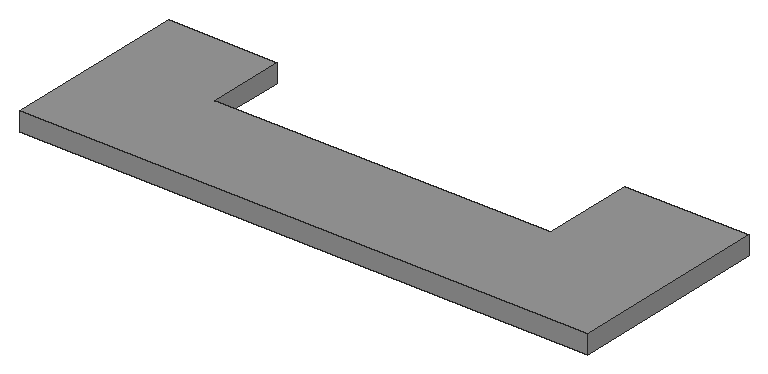
Revit family "Abutment Slab", category Structural Foundations, Revit 2016
Family settings
  Material for Model Behavior = Concrete
  Cap = No
  OmniClass Number = 23.25.05.00
  OmniClass Title = Foundations
  Work Plane-Based = No
  Always vertical = Yes
  Cut with Voids When Loaded = No
  Shared = No
Parameters
  Length = 0 mm
  Footing Right Wing Wall Width = 8000 mm
  Footing Left Wing Wall Width = 7000 mm
  Width = 0 mm
  Structural Material = Concrete, C30/37
  Footing Right Wing Wall Length = 10400 mm
  Footing Left Wing Wall Length = 9400 mm
  Footing Front Wall Outer Width = 2600 mm
  Footing Front Wall Length = 36700 mm
  Footing Front Wall Inner Width = 4400 mm
  Footing Height = 1200 mm
Reference planes
  plane 1 "Road Axis": x = 5644.913
  plane 2: z = 0
  plane 3 "Center (Left/Right)": y = -3780.094
  plane 4: y = -6380.094
  plane 5: y = 619.906
  plane 6: y = 5619.906
  plane 7: x = 15994.913
  plane 8: x = -5705.087
  plane 9: x = -12705.087
  plane 10: x = 23994.913
  plane 11: z = 1200
  plane 12: y = 6619.906
Forms (mm)
  Extrusion 1, solid, material "Concrete, C30/37" <- "Structural Material"
    sketch origin (5644.913, -3780.094, 0) x (0, 1, 0) y (-1, 0, 0)
      loop
        line (10400, -18350) -> (10400, -10350) -> (4400, -10350) -> (4400, 11350) -> (9400, 11350) -> (9400, 18350) -> (-2600, 18350) -> (-2600, -18350) -> (10400, -18350)
    from 0 to 1200
Dimensions and locks
  "Footing Front Wall Outer Width": plane 4 to plane 3 "Center (Left/Right)"
  "Footing Front Wall Inner Width": plane 3 "Center (Left/Right)" to plane 5
  "Footing Left Wing Wall Width": plane 8 to plane 9
  "Footing Right Wing Wall Width": plane 10 to plane 7
  "Footing Left Wing Wall Length": plane 3 "Center (Left/Right)" to plane 6
  equal spacing: plane 10, plane 1 "Road Axis", plane 9
  "Footing Front Wall Length": plane 10 to plane 9
  "Footing Height": plane 11 to level
  "Footing Right Wing Wall Length": plane 12 to plane 3 "Center (Left/Right)"
  aligned and locked: plane 2 to level
  aligned and locked: Extrusion 1 sketch curve to plane 10
  aligned and locked: Extrusion 1 sketch curve to plane 6
  aligned and locked: Extrusion 1 sketch curve to plane 7
  aligned and locked: Extrusion 1 sketch curve to plane 5
  aligned and locked: Extrusion 1 sketch curve to plane 4
  aligned and locked: Extrusion 1 sketch curve to plane 8
  aligned and locked: Extrusion 1 sketch curve to plane 9
  aligned and locked: Extrusion 1 to plane 11
  aligned and locked: plane 12 to Extrusion 1  (x2)
  aligned and locked: plane 6 to Extrusion 1
Automatic sketch dimensions
  Extrusion 1 sketch curve to plane 12 = 0 mm
